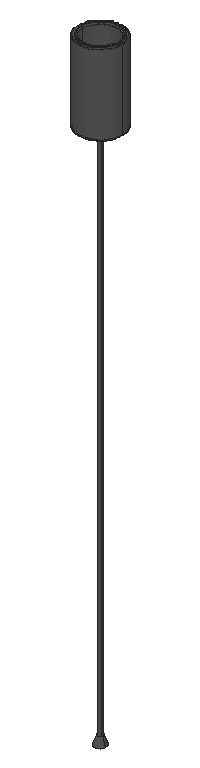
Revit family "CARLO CYLINDER LIGHT Pendant_ Surface", category Lighting Fixtures, host Face, Revit 2020 (continued)
Types (13): name | Wattage_Input | Wattage Comments | Wattage | built-in parameter 1150134 | Size 08 | Size 04 | Photometric Web File | built-in parameter 1150142 | Model | built-in parameter 1150105 | Lumens | built-in parameter 1150107 | built-in parameter 1150106 | Fixture Height | Fixture Diameter | BEAMING ANGLE | Apparent Load
    343.35 333.07 320.64 \r\n 305.97 287.94 268.64 249.98 231.33 212.85 193.97 173.94 153.38 132.36 \r\n 111.76 92.266 74.517 59.481 46.821 36.422 28.579 24.075 21.323 18.965 \r\n 17.103 15.344 13.807 12.455 11.358 10.65 10.114 9.553 9.0433 8.602 \r\n 8.2069 7.8417 7.5049 7.1907 6.8949 6.6086 6.341 6.1044 5.8805 5.6513 \r\n 5.4275 5.2167 5.0104 4.7993 4.5927 4.4 4.2103 4.0098 3.8168 3.6528 \r\n 3.4952 3.3226 3.1526 2.9987 2.8522 2.7081 2.5683 2.4327 2.3021 2.1792 \r\n 2.0592 1.9362 1.8168 1.7075 1.602 1.4931 1.39 1.3022 1.2227 1.1484 \r\n 1.0772 1.0052 0.93548 0.87554 0.82219 0.77722 0.73325 0.68107 0.62806 0.57732 \r\n 0.53249 0.5025 0.47459 0.43645 0.39557 0.35238 0.31573 0.30031 0.28901 0.26683 \r\n 0.2421 0.21756 0.19489 0.17908 0.16298 0.13827 0.11344 0.095753 0.080593 0.067075 \r\n 0.051276 0.023907 0.00017962 0 0 0 0 0 0 0 \r\n 0 0 0 0 0 0 0 0 0.000078 0.0017317 \r\n 0.0065854 0.017286 0.032265 0.051387 0.072991 0.096239 0.11853 0.13632 0.15164 0.16275 \r\n 0.17744 0.20738 0.23918 0.25935 0.27986 0.31016 0.34429 0.37897 0.41564 0.45443 \r\n 0.49609 0.54173 0.59039 0.64254 0.69504 0.74355 0.79208 0.84106 0.89686 0.97075 \r\n 1.0485 1.1166 1.1839 1.2536 1.3294 1.4193 1.515 1.6087 1.7066 1.8122 \r\n 1.9249 2.0431 2.1734 2.3315 2.4891 2.6115 2.7333 2.8829 3.0433 3.2062 \r\n 3.3735 3.5424 3.718 3.9067 4.1005 4.2897 4.4858 4.7016 4.9234 5.1401 \r\n 5.3571 5.5705 5.7963 6.057 6.3298 6.5916 6.8661 7.1732 7.5008 7.8409 \r\n 8.2015 8.5859 8.9994 9.4314 9.9328 10.518 11.286 12.363 13.677 15.196 \r\n 16.929 18.585 21.037 24.78 30.659 40.111 51.857 64.895 79.842 97.328 \r\n 116.31 136.05 156.3 176.66 196.88 216.25 235.78 256.94 277.58 296.18 \r\n 312.4 324.82 335.22 344.91 353.92 362.78 371.28 379.26 387.11 395.28 \r\n 403.44 411.35 419.3 427.55 435.94 444.26 452.87 462.24 471.9 481.5 \r\n 491.17 500.63 510.77 522.68 535.44 548.65 561.85 574.33 586.41 598.09 \r\n 609.62 621.44 633.02 643.78 654.31 665.15 675.89 686.37 696.33 705.15 \r\n 713.66 722.78 731.7 739.76 747.53 755.58 763.28 770.07 776.35 782.26 \r\n 788.1 794.39 800.54 806.09 811.2 815.83 820.1 824.13 827.89 831.45 \r\n 834.66 837.27 839.62 842.01 844.21 846.11 847.72 849.02 850.01 850.67 \r\n 849.27 \r\n2.1273 850.87 850.42 849.71 848.6 846.87 844.75 842.34 839.75 837.21 \r\n 834.45 831.35 827.74 823.32 818.36 813 807.38 801.73 796.04 790.53 \r\n 784.69 777.89 770.71 763.42 756.25 749.84 743.2 735.18 726.85 719.18 \r\n 711.28 702.49 693.2 683.55 673.76 664.27 654.52 643.93 632.99 622.16 \r\n 610.97 598.94 586.59 574.41 562.03 549.05 536.06 523.4 511.43 500.91 \r\n 491.03 481.2 471.56 461.91 452.67 444.43 436.47 428.15 419.82 411.65 \r\n 403.61 395.81 388.06 380.3 372.27 363.65 354.6 345.53 335.3 322.94 \r\n 308.37 290.58 271.45 252.68 233.8 215.08 195.98 175.89 155.36 134.52 \r\n 114.12 94.758 76.99 61.582 48.471 37.802 29.716 24.89 21.857 19.371 \r\n 17.441 15.615 14.023 12.625 11.486 10.722 10.142 9.582 9.0843 8.6405 \r\n 8.238 7.8594 7.5102 7.1938 6.8988 6.6116 6.3419 6.101 5.8719 5.6375 \r\n 5.4096 5.1979 4.9913 4.7781 4.5701 4.3801 4.1933 3.9929 3.799 3.6338 \r\n 3.4752 3.3039 3.1344 2.9756 2.8254 2.6871 2.5537 2.4174 2.2839 2.1579 \r\n 2.0349 1.9097 1.7891 1.6806 1.5775 1.4735 1.3755 1.2901 1.2116 1.1362 \r\n 1.0642 0.99442 0.92726 0.86661 0.81175 0.76601 0.72127 0.66781 0.61382 0.56359 \r\n 0.51911 0.48731 0.45772 0.42027 0.38069 0.33863 0.3022 0.28419 0.27024 0.24802 \r\n 0.22429 0.20129 0.1802 0.1655 0.14948 0.1224 0.094852 0.075576 0.060359 0.049508 \r\n 0.038195 0.017712 0.000000 0 0 0 0 0 0 0 \r\n 0 0 0 0 0 0 0 0 0.00024866 0.0087989 \r\n 0.020918 0.033951 0.049718 0.070176 0.092257 0.11366 0.13403 0.15195 0.16832 0.18155 \r\n 0.19771 0.22584 0.25545 0.27555 0.29666 0.32775 0.36242 0.39642 0.43229 0.4713 \r\n 0.51302 0.55732 0.60471 0.65696 0.7101 0.75946 0.80895 0.85884 0.91531 0.98933 \r\n 1.0667 1.1338 1.2002 1.2712 1.3491 1.4412 1.5386 1.6325 1.7307 1.8385 \r\n 1.9536 2.0733 2.2033 2.3564 2.5096 2.6351 2.7606 2.9085 3.0669 3.2319 \r\n 3.4017 3.5713 3.7462 3.9325 4.1241 4.3142 4.511 4.7238 4.9427 5.1604 \r\n 5.3786 5.5911 5.8151 6.0723 6.3425 6.6061 6.8837 7.1943 7.5238 7.8606 \r\n 8.217 8.5993 9.0132 9.4514 9.9583 10.541 11.304 12.378 13.688 15.199 \r\n 16.927 18.581 21.051 24.902 30.818 39.977 51.467 64.686 79.88 97.412 \r\n 116.33 135.84 155.83 176.02 196.16 215.63 235.24 256.22 276.71 295.49 \r\n 311.86 323.98 334.05 343.74 352.82 361.63 370.11 378.21 386.22 394.45 \r\n 402.71 410.9 419.12 427.41 435.79 444.23 452.9 462.05 471.46 480.99 \r\n 490.73 500.53 511.01 522.95 535.67 548.91 562.13 574.53 586.57 598.43 \r\n 610.13 621.88 633.34 644.08 654.61 665.4 676.09 686.56 696.54 705.47 \r\n 714.09 723.19 732.11 740.33 748.23 756.16 763.73 770.56 776.93 782.87 \r\n 788.68 794.79 800.73 806.07 811.04 815.72 820.09 824.19 827.98 831.46 \r\n 834.57 837.2 839.57 841.99 844.21 846.09 847.66 848.88 849.8 850.51 \r\n 849.27 \r\n2.1273 850.83 850.4 849.73 848.64 846.86 844.72 842.49 840.05 837.37 \r\n 834.43 831.31 827.72 823.31 818.35 812.92 807.23 801.55 795.84 790.31 \r\n 784.52 777.99 771.05 763.73 756.48 750.15 743.62 735.74 727.51 719.8 \r\n 711.85 703.08 693.84 684.28 674.52 664.9 655.04 644.58 633.83 623.06 \r\n 611.9 599.86 587.52 575.42 563.13 550.23 537.29 524.57 512.59 502.3 \r\n 492.69 482.97 473.37 463.69 454.4 446.12 438.17 429.97 421.78 413.68 \r\n 405.69 397.96 390.27 382.53 374.52 365.95 356.95 347.93 337.78 325.51 \r\n 311.11 293.66 274.77 255.85 236.67 217.61 198.22 178.03 157.56 136.98 \r\n 116.87 97.716 79.959 64.106 50.44 39.422 31.024 25.819 22.462 19.836 \r\n 17.835 15.93 14.274 12.825 11.64 10.811 10.181 9.623 9.1397 8.6921 \r\n 8.2802 7.8873 7.5251 7.2061 6.9111 6.6219 6.3491 6.1018 5.8658 5.626 \r\n 5.3939 5.1808 4.9734 4.7571 4.5471 4.3596 4.1761 3.9762 3.7818 3.6147 \r\n 3.4545 3.2843 3.1153 2.9509 2.7967 2.6651 2.539 2.4021 2.2653 2.1355 \r\n 2.0089 1.8819 1.7608 1.6526 1.5514 1.4525 1.3598 1.2771 1.1998 1.1235 \r\n 1.0507 0.98276 0.91791 0.85666 0.80044 0.75374 0.70804 0.65344 0.59858 0.54858 \r\n 0.5041 0.47026 0.43884 0.40201 0.36378 0.32322 0.28732 0.26655 0.24959 0.22671 \r\n 0.20357 0.18253 0.16364 0.15051 0.13476 0.10478 0.073856 0.052731 0.037476 0.029695 \r\n 0.023521 0.010888 0 0 0 0 0 0 0 0 \r\n 0 0 0 0 0 0 0 0 0.00041888 0.015923 \r\n 0.035251 0.050151 0.066256 0.087956 0.11073 0.13113 0.15029 0.16799 0.18488 0.20022 \r\n 0.21798 0.24446 0.27198 0.29181 0.31333 0.34538 0.3808 0.41411 0.44907 0.48804 \r\n 0.52969 0.57298 0.6194 0.67152 0.72503 0.77525 0.8258 0.87673 0.93401 1.0083 \r\n 1.0855 1.1514 1.217 1.2896 1.37 1.4643 1.5638 1.6588 1.758 1.8682 \r\n 1.9855 2.107 2.237 2.384 2.5319 2.6607 2.7904 2.9366 3.0931 3.2607 \r\n 3.4336 3.6039 3.7782 3.9616 4.1504 4.3416 4.5393 4.7491 4.9651 5.1838 \r\n 5.4035 5.6154 5.8378 6.0914 6.3594 6.6263 6.9087 7.223 7.5545 7.8884 \r\n 8.2415 8.6235 9.0395 9.4845 9.9978 10.581 11.343 12.417 13.727 15.235 \r\n 16.964 18.623 21.119 25.089 31.055 39.92 51.173 64.677 80.212 97.774 \r\n 116.58 135.82 155.53 175.55 195.62 215.23 234.95 255.69 275.93 294.8 \r\n 311.25 323.1 332.88 342.59 351.74 360.49 368.94 377.19 385.37 393.67 \r\n 402.05 410.56 419.08 427.43 435.82 444.38 453.12 462.05 471.24 480.7 \r\n 490.53 500.69 511.53 523.53 536.22 549.47 562.68 574.98 586.96 599.02 \r\n 610.91 622.56 633.86 644.59 655.11 665.83 676.43 686.84 696.81 705.88 \r\n 714.65 723.71 732.6 740.99 749.03 756.81 764.21 771.1 777.56 783.56 \r\n 789.33 795.23 800.91 806.04 810.88 815.62 820.12 824.29 828.1 831.5 \r\n 834.53 837.16 839.57 842.01 844.26 846.12 847.65 848.77 849.63 850.37 \r\n 849.27 \r\n2.1273 850.81 850.39 849.76 848.7 846.88 844.72 842.66 840.36 837.53 \r\n 834.41 831.27 827.7 823.33 818.38 812.87 807.1 801.39 795.67 790.12 \r\n 784.38 778.13 771.45 764.1 756.77 750.48 744.04 736.31 728.19 720.43 \r\n 712.42 703.66 694.48 685.02 675.32 665.56 655.58 645.27 634.69 623.99 \r\n 612.84 600.82 588.49 576.47 564.27 551.45 538.57 525.8 513.81 503.75 \r\n 494.38 484.77 475.21 465.51 456.18 447.84 439.87 431.79 423.75 415.7 \r\n 407.75 400.08 392.43 384.7 376.7 368.18 359.25 350.28 340.2 328.07 \r\n 313.87 296.8 278.19 259.1 239.57 220.13 200.43 180.14 159.74 139.46 \r\n 119.7 100.79 83.067 66.775 52.543 41.136 32.382 26.776 23.086 20.321 \r\n 18.252 16.263 14.537 13.037 11.805 10.911 10.23 9.6724 9.203 8.7506 \r\n 8.3289 7.9229 7.5488 7.2264 6.9305 6.6388 6.3621 6.1076 5.864 5.6188 \r\n 5.3831 5.1686 4.9601 4.7402 4.5275 4.3422 4.1618 3.963 3.7684 3.599 \r\n 3.4366 3.2675 3.0989 2.9291 2.7711 2.6459 2.527 2.3897 2.2498 2.1158 \r\n 1.9854 1.8574 1.7364 1.6282 1.5283 1.4338 1.3458 1.2658 1.1899 1.1129 \r\n 1.0392 0.97254 0.90948 0.84778 0.79048 0.74275 0.69602 0.64053 0.58499 0.53496 \r\n 0.49017 0.45432 0.42116 0.38481 0.34782 0.30888 0.27368 0.25031 0.23035 0.20647 \r\n 0.18356 0.16451 0.14797 0.13657 0.12124 0.088428 0.054188 0.031287 0.016004 0.011187 \r\n 0.0099057 0.0045717 0.000000 0 0 0 0 0 0 0 \r\n 0 0 0 0 0 0 0 0 0.00056737 0.022169 \r\n 0.047724 0.063871 0.079917 0.10267 0.12626 0.1465 0.16519 0.18228 0.1991 0.21642 \r\n 0.23584 0.26092 0.28654 0.3059 0.32763 0.36083 0.3972 0.42974 0.46364 0.50244 \r\n 0.54401 0.58673 0.63256 0.68431 0.73782 0.78883 0.84046 0.8925 0.95068 1.0253 \r\n 1.1024 1.1673 1.2322 1.3065 1.3894 1.4857 1.587 1.6836 1.7844 1.8964 \r\n 2.0154 2.1391 2.2693 2.4101 2.5524 2.6843 2.8183 2.9631 3.1179 3.2883 \r\n 3.4643 3.6354 3.809 3.9893 4.1754 4.3675 4.5664 4.7736 4.987 5.2063 \r\n 5.4272 5.6391 5.8605 6.1109 6.3772 6.6484 6.9365 7.2546 7.5882 7.9203 \r\n 8.2713 8.6547 9.074 9.5249 10.045 10.634 11.401 12.479 13.794 15.305 \r\n 17.043 18.714 21.248 25.358 31.407 40.045 51.132 64.98 80.891 98.467 \r\n 117.13 136.12 155.56 175.44 195.46 215.22 235.03 255.49 275.42 294.26 \r\n 310.71 322.32 331.88 341.6 350.81 359.51 367.94 376.34 384.71 393.1 \r\n 401.59 410.41 419.23 427.67 436.09 444.78 453.58 462.35 471.34 480.78 \r\n 490.7 501.19 512.35 524.43 537.11 550.36 563.53 575.71 587.62 599.88 \r\n 611.95 623.47 634.61 645.31 655.83 666.46 676.97 687.26 697.19 706.42 \r\n 715.36 724.38 733.23 741.78 749.95 757.55 764.76 771.7 778.27 784.31 \r\n 790.05 795.71 801.1 806.03 810.76 815.56 820.17 824.41 828.25 831.57 \r\n 834.52 837.15 839.59 842.07 844.32 846.18 847.67 848.7 849.49 850.26 \r\n 849.27 \r\n2.1273 850.81 850.4 849.81 848.78 846.92 844.75 842.83 840.63 837.66 \r\n 834.37 831.21 827.67 823.35 818.44 812.85 806.98 801.22 795.5 789.94 \r\n 784.27 778.26 771.81 764.45 757.05 750.77 744.38 736.78 728.78 720.98 \r\n 712.9 704.17 695.05 685.68 676.05 666.17 656.09 645.9 635.49 624.82 \r\n 613.7 601.69 589.4 577.45 565.34 552.59 539.75 526.95 514.97 505.09 \r\n 495.91 486.38 476.84 467.16 457.81 449.4 441.38 433.41 425.51 417.5 \r\n 409.57 401.92 394.29 386.54 378.54 370.08 361.22 352.29 342.28 330.32 \r\n 316.35 299.64 281.28 262 242.13 222.33 202.33 181.96 161.63 141.68 \r\n 122.28 103.62 85.956 69.315 54.598 42.797 33.668 27.679 23.679 20.786 \r\n 18.659 16.588 14.791 13.243 11.967 11.013 10.284 9.7264 9.2679 8.81 \r\n 8.3793 7.9632 7.5801 7.2538 6.9556 6.6612 6.3808 6.119 5.8681 5.6185 \r\n 5.3799 5.1644 4.9549 4.731 4.515 4.3315 4.154 3.9565 3.762 3.5902 \r\n 3.4254 3.257 3.0887 2.9146 2.7534 2.6334 2.5204 2.383 2.2407 2.1026 \r\n 1.9685 1.8405 1.7205 1.612 1.5125 1.4219 1.3364 1.2588 1.1841 1.1066 \r\n 1.0321 0.96606 0.90399 0.84204 0.78407 0.73538 0.6877 0.63165 0.5757 0.52537 \r\n 0.48003 0.44249 0.4079 0.37181 0.33576 0.29833 0.26389 0.23835 0.21581 0.19085 \r\n 0.1679 0.15046 0.13594 0.12612 0.11133 0.07639 0.039581 0.015306 0 0 \r\n 0 0 0 0 0 0 0 0 0 0 \r\n 0 0 0 0 0 0 0 0 0.00067145 0.026601 \r\n 0.056479 0.073097 0.088737 0.11225 0.13672 0.15765 0.1766 0.19266 0.20874 0.22783 \r\n 0.2489 0.27288 0.2969 0.31561 0.33733 0.37186 0.40937 0.44101 0.47367 0.51229 \r\n 0.55391 0.59659 0.64227 0.69337 0.74646 0.79809 0.85074 0.90391 0.96305 1.038 \r\n 1.1151 1.1793 1.2436 1.3195 1.4044 1.5021 1.6047 1.7031 1.8055 1.9183 \r\n 2.0382 2.164 2.2948 2.43 2.5673 2.7022 2.8401 2.9838 3.1373 3.3102 \r\n 3.4889 3.6607 3.8337 4.0112 4.1947 4.3877 4.5877 4.7932 5.0047 5.224 \r\n 5.4454 5.6577 5.8791 6.1274 6.3927 6.6688 6.9628 7.2845 7.6203 7.9522 \r\n 8.3031 8.6889 9.112 9.5671 10.094 10.695 11.475 12.563 13.889 15.412 \r\n 17.169 18.858 21.446 25.722 31.913 40.456 51.5 65.706 81.975 99.547 \r\n 118.06 136.85 156.1 175.87 195.87 215.75 235.63 255.79 275.35 294.04 \r\n 310.36 321.78 331.19 340.92 350.17 358.84 367.27 375.81 384.35 392.84 \r\n 401.46 410.55 419.63 428.17 436.65 445.46 454.34 463.01 471.9 481.34 \r\n 491.35 502.09 513.51 525.67 538.35 551.6 564.72 576.76 588.59 601 \r\n 613.22 624.62 635.6 646.27 656.77 667.33 677.74 687.9 697.75 707.14 \r\n 716.25 725.23 734.02 742.71 750.99 758.42 765.43 772.42 779.07 785.13 \r\n 790.8 796.21 801.32 806.08 810.72 815.57 820.27 824.55 828.41 831.67 \r\n 834.56 837.19 839.65 842.13 844.39 846.24 847.71 848.67 849.4 850.2 \r\n 849.27 \r\n2.1273 850.84 850.41 849.85 848.87 847.04 844.87 842.87 840.57 837.5 \r\n 834.15 831.03 827.57 823.32 818.43 812.68 806.64 800.84 795.13 789.66 \r\n 784.07 778.1 771.66 764.29 756.86 750.45 743.96 736.44 728.54 720.74 \r\n 712.65 703.99 694.95 685.59 675.97 666.13 656.09 645.93 635.5 624.77 \r\n 613.59 601.66 589.45 577.5 565.36 552.59 539.76 527.07 515.18 505.2 \r\n 495.89 486.28 476.74 467.28 458.11 449.53 441.3 433.39 425.58 417.54 \r\n 409.54 401.82 394.12 386.29 378.23 369.78 360.96 352.01 342.04 330.31 \r\n 316.53 299.76 281.26 261.84 241.85 221.95 201.93 181.63 161.46 141.73 \r\n 122.54 103.96 86.39 70.038 55.523 43.501 34.066 27.956 23.896 20.98 \r\n 18.841 16.729 14.892 13.321 12.031 11.067 10.331 9.7628 9.2959 8.8339 \r\n 8.4034 7.996 7.6206 7.2894 6.9841 6.6889 6.4088 6.1451 5.8926 5.6436 \r\n 5.4066 5.1937 4.9856 4.757 4.5364 4.3535 4.1781 3.9821 3.7882 3.6143 \r\n 3.4472 3.2785 3.1111 2.9392 2.7795 2.6567 2.5409 2.4057 2.2657 2.125 \r\n 1.9888 1.8651 1.7495 1.6406 1.5383 1.442 1.3532 1.2756 1.2019 1.1241 \r\n 1.0486 0.98036 0.91634 0.85499 0.79817 0.74974 0.70224 0.64696 0.59146 0.54011 \r\n 0.49376 0.45687 0.42295 0.38601 0.34905 0.31191 0.27808 0.25293 0.23065 0.20588 \r\n 0.18273 0.164 0.14825 0.13813 0.12412 0.092252 0.058566 0.035458 0.019854 0.015313 \r\n 0.014317 0.0090415 0.0039672 0.0013563 0.000035 0 0 0 0 0 \r\n 0 0 0 0 0 0 0 0 0.00054336 0.021392 \r\n 0.045733 0.059732 0.074196 0.097612 0.1231 0.14695 0.16811 0.18191 0.19537 0.21527 \r\n 0.23762 0.26134 0.28455 0.30179 0.32273 0.35963 0.39924 0.4288 0.45902 0.49792 \r\n 0.54084 0.58568 0.63281 0.68206 0.73289 0.78429 0.83753 0.89198 0.95241 1.0278 \r\n 1.105 1.1695 1.2342 1.31 1.394 1.4893 1.5896 1.6881 1.7901 1.8982 \r\n 2.0139 2.1413 2.2747 2.4096 2.5465 2.6832 2.823 2.9672 3.1207 3.2934 \r\n 3.472 3.6438 3.8167 3.9934 4.1761 4.3692 4.5699 4.7777 4.9906 5.2065 \r\n 5.4249 5.6395 5.8648 6.116 6.3844 6.6639 6.9616 7.2863 7.6262 7.9657 \r\n 8.3238 8.7132 9.1376 9.5855 10.115 10.753 11.579 12.698 14.055 15.619 \r\n 17.426 19.151 21.854 26.434 33.048 42.176 53.733 68.085 84.35 101.85 \r\n 120.33 139.28 158.73 178.65 198.73 218.6 238.36 258.26 277.43 295.46 \r\n 311.22 322.6 332.12 341.78 350.99 359.7 368.21 376.84 385.49 394.11 \r\n 402.83 411.91 420.99 429.67 438.32 447.22 456.22 465.15 474.28 483.86 \r\n 493.9 504.47 515.7 527.9 540.65 553.84 566.86 578.82 590.56 602.85 \r\n 614.97 626.38 637.37 647.98 658.41 668.97 679.37 689.42 699.19 708.61 \r\n 717.77 726.76 735.54 744.23 752.48 759.81 766.72 773.66 780.26 786.19 \r\n 791.69 796.85 801.75 806.49 811.14 815.92 820.53 824.79 828.63 831.88 \r\n 834.74 837.32 839.72 842.15 844.38 846.25 847.75 848.7 849.44 850.27 \r\n 849.27 \r\n2.1273 850.89 850.42 849.89 848.95 847.17 845.01 842.89 840.45 837.31 \r\n 833.92 830.86 827.47 823.31 818.43 812.53 806.31 800.47 794.78 789.4 \r\n 783.9 777.93 771.46 764.1 756.65 750.09 743.48 736.01 728.21 720.41 \r\n 712.33 703.74 694.77 685.42 675.81 666.05 656.08 645.91 635.45 624.63 \r\n 613.4 601.55 589.44 577.48 565.3 552.49 539.66 527.11 515.32 505.18 \r\n 495.68 485.96 476.42 467.19 458.23 449.46 441.01 433.14 425.4 417.32 \r\n 409.23 401.42 393.63 385.7 377.56 369.12 360.32 351.35 341.41 329.92 \r\n 316.35 299.48 280.8 261.27 241.18 221.25 201.24 181.02 160.99 141.46 \r\n 122.47 103.95 86.477 70.516 56.311 44.096 34.365 28.162 24.069 21.144 \r\n 19.003 16.855 14.979 13.389 12.088 11.121 10.382 9.8018 9.3227 8.8563 \r\n 8.4271 8.0311 7.6658 7.3293 7.0161 6.7202 6.4407 6.1758 5.9225 5.675 \r\n 5.4402 5.2303 5.0235 4.7908 4.5655 4.3826 4.2086 4.0139 3.8208 3.6449 \r
